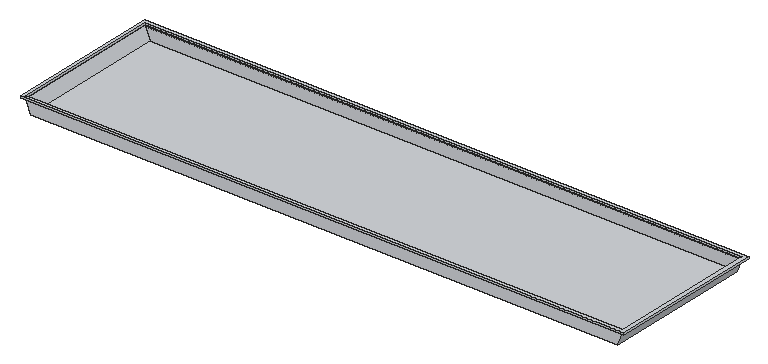
Revit family "Lighting-CommercialSector-GEWISS-ELIA-PL-BACKLIT_M1-LED_FLUSH_MOUNTING", category Apparecchi per illuminazione, host Superficie, Revit 2020
Family settings
  Host = Superficie
  Quota connettore circolare = Usa diametro
  Tipo di parte = Normale
  Taglio con vuoti quando caricato = No
  Sorgente d'illuminazione = Sì
  Condiviso = No
  Punto di calcolo locali = Sì
Parameters (values of type "GWF1611LT840 - ELIA PL Backlit M1 300x1200mm 4000K CRI80 DALI Opal")
  Wiring = "With connection terminal on driver"
  Weight (kg): = ""
  Wattage = 9.2903 W
  Warranty = "5 years"
  Visibilità etichetta [instance] = yes
  Visibilità simbolo [instance] = yes
  Visibilità lampada in pianta [instance] = not(Visibilità simbolo)  # no
  Version file RFA = "20.0"
  Variazione temperatura colore lampada con luminosità attenuata = <Nessuno>
  Unique digital code (Datamatrix) = "Currently not present"
  Unified Glare Rating = ""
  URL = "https://www.gewiss.com/ww/en"
  Typology: = "xyz"
  Type of light source = "LED"
  Tilt- = "With suspension adjustment Kit"
  built-in parameter 1150107 = 3200 (stored number, unit not read)
  System power = ""
  System  power = "From 20 to 30 W"
  Supply voltage = "220-240 V "
  Stocking temperature = "-20° +65°"
  Standards and approvals = "-"
  Standard- = ""
  Standard Deviation Colour Matching = "SDCM = 3"
  Spostamento_x_testo [instance] = 0 mm
  Spostamento_x_effettivo_simbolo [instance] = 4000 mm - Spostamento_x  # 2340 mm
  Spostamento_x [instance] = 1660 mm
  Spostamento_y_effettivo [instance] = 4000 mm - Spostamento_y  # 4000 mm
  Spostamento_y [instance] = 0 mm
  Spostamento_effe_x_testo [instance] = 4000 mm - Spostamento_x_testo  # 4000 mm
  Spessore lampada = 26.891 mm
  Shock resistance = "IK03"
  Shield type = ""
  STRUTTURA = none
  SEO = "Luminaire"
  Rendi la forma visibile nel rendering = no
  Realized by GEWISS S.p.A. = ""
  Rated frequency (Hz) = "50/60 Hz"
  Photobiological Risk Class = "RG0"
  built-in parameter 1150110 = 1 (stored number, unit not read)
  built-in parameter 1150109 = 1 (stored number, unit not read)
  built-in parameter 1114218 = 1 (stored number, unit not read)
  built-in parameter 1150112 = 1 (stored number, unit not read)
  POSIZIONE = 80000  # constant formula
  Overvoltage protection = ""
  Optic and illuminating features = "-"
  Optic Maintenance = "Non-replaceable"
  Optic : = ""
  Optic = "Wide opal"
  Operating temperature : = "-20° +45°"
  built-in parameter 1150142 = (empty or 0)
  Mouting and installation = ""
  built-in parameter 1150137 = (empty or 0)
  built-in parameter 1150132 = (empty or 0)
  Maximum surface exposed to the wind : = "-"
  Materials = "-"
  Lunghezza_lampada = 1200 mm
  Luminaire = ""
  Lumen output (lm) = ""
  Lumen output  (lm) = "Above 3,000 lm"
  Locking Hook = "-"
  Lifetime = "L80B50 (Tq25°) = 50.000h"
  LED Maintenance = "By professional"
  LED = led
  Larghezza_Lampada = 300 mm
  built-in parameter 1150105 = 109.82 (stored number, unit not read)
  built-in parameter 1150102 = (empty or 0)
  Insulation class = "II"
  Installationa and maintenance = "-"
  built-in parameter 1150106 = 1.0982 (stored number, unit not read)
  Default Elevation = 1219.2 mm
  Produttore = "GEWISS S.p.A."
  Potenza Lampada [instance] = "330W"
  Modello = "GWF1611LT840"
  Immagine tipo = <Nessuno>
  IPEA = "-"
  IP degree = "IP40"
  IDF = "6cc619cf-8d41-4609-9561-c7dab0f6a82f"
  Group: = "xyz"
  Glow Wire Test : = "650 °C"
  General information = "-"
  Gasket = "-"
  Lumens = 1380 lm
  Fixing = ""
  Color Filter = 16777215
  File diagramma fotometrico = "generic"
  built-in parameter 1114217 = 1 (stored number, unit not read)
  built-in parameter 1150139 = (empty or 0)
  FORO_CONTROSOFFITTO = Spessore lampada + 20 mm  # 46.891 mm
  External screw = "-"
  Emetti da lunghezza rettangolo = 1200 mm
  Emetti da larghezza rettangolo = 300 mm
  Eletrical and lighting features = "-"
  Electrocod = "2419"
  Efficiency (lm/W): = "Above 110 lm/W"
  Efficiency (lm/W) = ""
  built-in parameter 1150104 = 13.8 (stored number, unit not read)
  Driver failure rate = ""
  Driver Box = "-"
  Driver = ""
  Distanza dal host [instance] = 0 mm
  built-in parameter 1150115 = 1 (stored number, unit not read)
  built-in parameter 1150114 = 1 (stored number, unit not read)
  built-in parameter 1150113 = 1 (stored number, unit not read)
  Device with reduced surface temperature = "-"
  Descrizione = "ELIA PL Backlit M1 300x1200mm 4000K CRI80 DALI Opal"
  DIN 18032-3 certification = "-"
  Control System = "DALI"
  Context = ""
  Colour temperature = ""
  Colour : = "Powder coating"
  Colour = "White"
  built-in parameter 1150134 = 3
  built-in parameter 1150138 = (empty or 0)
  Color Rendering Index = "CRI 80"
  Classification: = "-"
  Category: = "Floor lighting"
  COBie.Tagnumber = ""
  COBie.CreatedOn = ""
  COBie.CreatebBy = ""
  COBie.ComponentRegisterItemID = ""
  COBie.Component.TagNumber = ""
  COBie.Component.Space = ""
  COBie.Component.SerialNumber = ""
  COBie.Component.InstallationDate = ""
  COBie.Component.Description = ""
  COBie.Component.BarCode = ""
  Body = ""
  Application = "Internal"
  Tilt Angle = 60.00°
  built-in parameter 1150133 = 10 (stored number, unit not read)
  ----- = "-"
  ---- = "-"
  --- = "-"
  -- = "-"
  - = "-"
Types (4, lengths in mm): name | Lumen output  (lm) | Modello | Descrizione | Control System
  GWF1610LT830 - ELIA PL Backlit M1 300x1200mm 3000K CRI80 On/Off Opal | "Above 3,000 lm" | "GWF1610LT830" | "ELIA PL Backlit M1 300x1200mm 3000K CRI80 On/Off Opal" | "ON / OFF"
  GWF1611LT830 - ELIA PL Backlit M1 300x1200mm 3000K CRI80 DALI Opal | "From 2,000 to 3,000 lm" | "GWF1611LT830" | "ELIA PL Backlit M1 300x1200mm 3000K CRI80 DALI Opal" | "DALI"
  GWF1610LT840 - ELIA PL Backlit M1 300x1200mm 4000K CRI80 On/Off Opal | "Above 3,000 lm" | "GWF1610LT840" | "ELIA PL Backlit M1 300x1200mm 4000K CRI80 On/Off Opal" | "ON / OFF"
  GWF1611LT840 - ELIA PL Backlit M1 300x1200mm 4000K CRI80 DALI Opal | "Above 3,000 lm" | "GWF1611LT840" | "ELIA PL Backlit M1 300x1200mm 4000K CRI80 DALI Opal" | "DALI"
Reference planes
  plane 1 "Centro (Fronte/Retro)": y = 0
  plane 2: z = 0
  plane 3 "Centro (Sinistra/Destra)": x = 0
  plane 4: x = -4000
  plane 5 "pf_TESTO": x = 0
  plane 6: z = 1200
  plane 7: y = -4000
  plane 8: y = 0
  plane 9: x = -600
  plane 10: y = -150
  plane 11: x = 600
  plane 12: y = 150
  plane 13: z = -46.891
  plane 14 "PF_SIMBOLO": x = -1660
Forms (mm)
  Extrusion 1, void
    sketch origin (0, 0, 0) x (1, 0, 0) y (0, 1, 0)
      loop
        line (600, -150) -> (600, 150) -> (-600, 150) -> (-600, -150) -> (600, -150)
    from -46.891 to 0
Dimensions and locks
  plane 4 to plane 3 "Centro (Sinistra/Destra)" = 4000 mm
  plane 6 to plane 2 = 1200 mm
  "Spostamento_y_effettivo": plane 8 to plane 7
  plane 1 "Centro (Fronte/Retro)" to plane 7 = 4000 mm
  equal spacing: plane 9, plane 3 "Centro (Sinistra/Destra)", plane 11
  equal spacing: plane 12, plane 1 "Centro (Fronte/Retro)", plane 10
  "FORO_CONTROSOFFITTO": level to plane 13
  "Lunghezza_lampada": plane 9 to plane 11
  "Larghezza_Lampada": plane 12 to plane 10
  "Spostamento_x_effettivo_simbolo": plane 4 to plane 14 "PF_SIMBOLO"
  "Spostamento_effe_x_testo": plane 4 to plane 5 "pf_TESTO"
  aligned and locked: plane 2 to host face
  aligned and locked: level to host face
  aligned and locked: nested 2 to plane 1 "Centro (Fronte/Retro)"
  aligned and locked: nested 1 to plane 8
  aligned and locked: host face to imposter light
  aligned and locked: plane 5 "pf_TESTO" to nested 1
  aligned and locked: Extrusion 1 sketch curve to plane 9
  aligned and locked: Extrusion 1 sketch curve to plane 12
  aligned and locked: Extrusion 1 sketch curve to plane 10
  aligned and locked: Extrusion 1 sketch curve to plane 11
  aligned and locked: Extrusion 1 to plane 13
  aligned and locked: level to Extrusion 1
  aligned and locked: nested 3 to level
Automatic sketch dimensions
  host sketch curve to host sketch curve = 2438.4 mm  (x2)
Nested families
  nested 1: "Etichetta light" at (0, 0, 0), visible <- "Visibilità etichetta", type "Etichetta light"
  nested 2: "SIMB_2D" at (0, 0, 110.443) x (0, 0, 1) z (1, 0, 0), visible <- "Visibilità simbolo", type "SIMB_2D"
  nested 3: "Base_PL Backlit" at (0, 0, 0), type "Base_PL Backlit"
    with larghezza_lampada 300 mm, Lunghezza_lampada 1200 mm
Definition of nested family "Base_PL Backlit"
  Parameters (values of type "Base_PL Backlit")
    larghezza_lampada = 600 mm
    Struttura = none
    Schermo led = none
    Default Elevation = 0 mm
    Lunghezza_lampada = 600 mm
    Incasso_lampada = 26.891 mm
    Cornice = none
  Reference planes
    plane 1 "Center (Front/Back)": y = 0
    plane 2: z = 0
    plane 3 "Center (Left/Right)": x = 0
    plane 4: x = -300
    plane 5: x = 300
    plane 6: y = 300
    plane 7: y = -300
    plane 8: x = -307
    plane 9: y = 307
    plane 10: y = -305
    plane 11: x = 307
    plane 12: z = 3
    plane 13: z = -26.891
    plane 14: y = 297
    plane 15: y = -297
  Forms (mm)
    Extrusion 1, solid, material <- "Cornice"
      sketch origin (0, 0, 0) x (1, 0, 0) y (0, 1, 0)
        loop
          line (-307, -305) -> (307, -305) -> (307, 307) -> (-307, 307) -> (-307, -305)
        loop
          line (-300, -300) -> (300, -300) -> (300, 300) -> (-300, 300) -> (-300, -300)
      from 0 to 3
    Extrusion 2, solid, material <- "Struttura"
      sketch origin (0, 0, 0) x (1, 0, 0) y (0, 0, 1)
        loop
          line (-300, -2.378) -> (-289.74, -26.891) -> (289.74, -26.891) -> (300, -2.378) -> (300, 0) -> (-300, 0) -> (-300, -2.378)
      from -300 to 300
    Extrusion 3, void
      sketch origin (0, 0, 0) x (1, 0, 0) y (0, 0, 1)
        loop
          line (-297.743, 0) -> (-287.743, -23.891) -> (287.743, -23.891) -> (297.743, 0) -> (-297.743, 0)
      from -297 to 297
    Extrusion 4, solid, material <- "Schermo led"
      sketch origin (0, 0, 0) x (1, 0, 0) y (0, 1, 0)
        loop
          line (-300, 300) -> (-300, -300) -> (300, -300) -> (300, 300) -> (-300, 300)
      from 0 to 3
  Cuts and joins
    Extrusion 3 cuts Extrusion 1
    Extrusion 3 cuts Extrusion 2
  Dimensions and locks
    equal spacing: plane 6, plane 1 "Center (Front/Back)", plane 7
    equal spacing: plane 4, plane 3 "Center (Left/Right)", plane 5
    "Lunghezza_lampada": plane 4 to plane 5
    "larghezza_lampada": plane 6 to plane 7
    locked: plane 8 to plane 4 at 7
    locked: plane 10 to plane 7 at 5
    locked: plane 9 to plane 6 at 7
    locked: plane 5 to plane 11 at 7
    locked: plane 12 to plane 2 at 3
    "Incasso_lampada": level to plane 13
    locked: Extrusion 2 to Extrusion 3 sketch curve at 3  (x2)
    locked: Extrusion 3 sketch curve to Extrusion 2 at 3
    locked: plane 12 to Extrusion 1 at 3
    locked: plane 7 to plane 15 at 3
    locked: plane 6 to plane 14 at 3
    aligned and locked: level to plane 2
    aligned and locked: plane 10 to Extrusion 1 sketch curve
    aligned and locked: plane 8 to Extrusion 1 sketch curve
    aligned and locked: plane 9 to Extrusion 1 sketch curve
    aligned and locked: Extrusion 1 sketch curve to plane 11
    aligned and locked: Extrusion 1 sketch curve to plane 4
    aligned and locked: Extrusion 1 sketch curve to plane 6
    aligned and locked: Extrusion 1 sketch curve to plane 5
    aligned and locked: Extrusion 1 sketch curve to plane 7
    aligned and locked: Extrusion 1 to level
    aligned and locked: plane 12 to Extrusion 1
    aligned and locked: Extrusion 2 sketch curve to plane 4
    aligned and locked: Extrusion 2 sketch curve to plane 13
    aligned and locked: plane 6 to Extrusion 2
    aligned and locked: plane 7 to Extrusion 2
    aligned and locked: level to Extrusion 3 sketch curve
    aligned and locked: plane 14 to Extrusion 3
    aligned and locked: plane 15 to Extrusion 3
    aligned and locked: Extrusion 4 sketch curve to plane 6
    aligned and locked: Extrusion 4 sketch curve to plane 4
    aligned and locked: Extrusion 4 sketch curve to plane 7
    aligned and locked: Extrusion 4 sketch curve to plane 5
    aligned and locked: Extrusion 4 to level
    aligned and locked: plane 12 to Extrusion 4
  Automatic sketch dimensions
    Extrusion 2 sketch curve to level = 0 mm
    plane 5 to Extrusion 2 sketch curve = 0 mm
    Extrusion 2 sketch curve to level = 2.378 mm  (x2)
    Extrusion 2 sketch curve to plane 4 = 10.26 mm
    plane 5 to Extrusion 2 sketch curve = 10.26 mm
Definition of nested family "Etichetta light"
  Parameters (values of type "ETICHETTA LIGHT")
    COMMENTI = "330W"
  Reference planes
    plane 1: y = 0
    plane 2: x = 0
  Text (mm)
    label "COMMENTI" at (-0.057, 0.105, 0), shows "COMMENTI"
Definition of nested family "SIMB_2D"
  Parameters (values of type "SIMB_2D")
    vs_simbolo [instance] = yes
  Reference planes
    plane 1 "Centro (Fronte/Retro)": y = 0
    plane 2: z = 0
    plane 3 "Centro (Sinistra/Destra)": x = 0
  Lines and regions (mm)
    model lines, in view "Livello rif.", visible <- "vs_simbolo"
      curve 1: circle (1.594, -5.402, 0) r 132.43 normal (0, 0, 1)
      curve 2: circle (1.594, -5.402, 0) r 159.119 normal (0, 0, 1)
      curve 3: line (58.804, -62.709, 0) -> (-55.615, -5.745, 0)
      curve 4: line (-55.615, -5.745, 0) -> (58.804, 51.905, 0)
      curve 5: line (58.804, 51.905, 0) -> (58.804, -62.709, 0)
      curve 6: line (-55.615, 51.562, 0) -> (-55.615, -63.052, 0)
      curve 7: line (-55.615, -5.745, 0) -> (-89.068, -5.745, 0)
      curve 8: line (58.804, -5.402, 0) -> (83.507, -5.402, 0)
